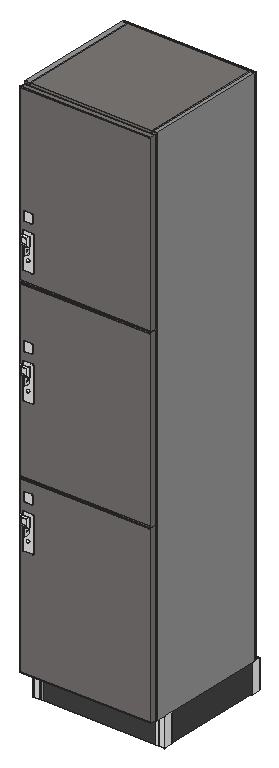
Revit family "Wood_Lockers_Hasps-Salsbury_Industries-18_43000_Series-1_Wide_Units.rfa", category Specialty Equipment, Revit 2016 (continued)
Definition of nested family "Wood Locker Flat Corner Fillers"
  Automatic sketch dimensions
    Extrusion 1 sketch curve to plane 4 "Right Side" = 0.000"
    plane 6 "Front Side" to Extrusion 1 sketch curve = 0.000"
    Extrusion 1 sketch curve to plane 11 = 0.000"
Definition of nested family "Wood Locker Side Panels-No Slope"
  Parameters (values of type "44237 - 6' H for 24"D Lockers")
    Width = 23.625"
    Visible = yes
    Version = "1.0 (12/15/23)"
    Type Comments = "Side Panel for Premier Wood Lockers without Sloping Hood"
    Model = "44237"
    Manufacturer = "Salsbury Industries"
    Laminate Surface = none
    Height = 72.000"
    Door Trim = none
    Description = "6' H for 21\" D Lockers"
    Depth = 0.750"
  Types (6): name | Width | Visible | Version | Type Comments | Model | Manufacturer | Description
    (no name) | 23.625" | yes | "1.0 (12/15/23)" | "Side Panel for Premier Wood Lockers without Sloping Hood" | "44237" | "Salsbury Industries" | "6' H for 21\" D Lockers"
    44330 - 6' H for 15"D Lockers | 14.625" | yes | "1.0 (12/15/23)" | "Side Panel for Premier Wood Lockers without Sloping Hood" | "44330" | "Salsbury Industries" | "6' H for 15\" D Lockers"
    44333 - 6' H for 18" D Lockers | 17.625" | yes | "1.0 (12/15/23)" | "Side Panel for Premier Wood Lockers withouth Sloping Hood" | "44333" | "Salsbury Industries" | "6' H for 18\" D Lockers"
    44335 - 6' H for 21" D Lockers | 20.625" | yes | "1.0 (12/15/23)" | "Side Panel for Premier Wood Lockers without Sloping Hood" | "44335" | "Salsbury Industries" | "6' H for 21\" D Lockers"
    None | 14.000" | no | "" | "" | "" | "" | ""
    44237 - 6' H for 24"D Lockers | 23.625" | yes | "1.0 (12/15/23)" | "Side Panel for Premier Wood Lockers without Sloping Hood" | "44237" | "Salsbury Industries" | "6' H for 21\" D Lockers"
  Reference planes (in)
    plane 1 "Center (Front/Back)": y = 0
    plane 2: z = 0
    plane 3 "Center (Left/Right)": x = 0
    plane 4 "Back": y = 0.375
    plane 5 "Front": y = -0.375
    plane 6 "Left Side": x = -11.8125
    plane 7 "Right Side": x = 11.8125
    plane 8 "Bottom": z = 0
    plane 9 "Top": z = 72
    plane 10 "Center Elevation": z = 36
    plane 11 "Wood - Laminate Edge": y = -0.344
    plane 12 "Right Side of Wood": x = 11.7815
    plane 13 "Left Side of Wood": x = -11.7815
    plane 14 "Top of Wood": z = 71.969
    plane 15 "Bottom of Wood": z = 0.031
  Forms (in)
    Extrusion 1, solid, visible <- "Visible"
      sketch origin (0, 0.375, 0) x (1, 0, 0) y (0, 0, 1)
        loop
          line (11.7815, 71.969) -> (-11.7815, 71.969) -> (-11.7815, 0.031) -> (11.7815, 0.031) -> (11.7815, 71.969)
      from 0 to 0.719
    Extrusion 2, solid, material <- "Laminate Surface", visible <- "Visible"
      sketch origin (0, -0.375, 0) x (1, 0, 0) y (0, 0, 1)
        loop
          line (-11.8125, 72) -> (-11.8125, 0) -> (11.8125, 0) -> (11.8125, 72) -> (-11.8125, 72)
      from -0.031 to 0
    Extrusion 3, solid, material <- "Laminate Surface", visible <- "Visible"
      sketch origin (0, 0, 0) x (1, 0, 0) y (0, 0, 1)
        loop
          line (-11.8125, 0) -> (11.8125, 0) -> (11.8125, 72) -> (-11.8125, 72) -> (-11.8125, 0)
        loop
          line (-11.7815, 0.031) -> (11.7815, 0.031) -> (11.7815, 71.969) -> (-11.7815, 71.969) -> (-11.7815, 0.031)
      from -0.375 to 0.344
  Dimensions and locks (in)
    equal spacing: plane 6 "Left Side", plane 3 "Center (Left/Right)", plane 7 "Right Side"
    plane 5 "Front" to plane 1 "Center (Front/Back)" to plane 4 "Back" = 0.375", 0.375"
    "Width": plane 6 "Left Side" to plane 7 "Right Side"
    "Depth": plane 5 "Front" to plane 4 "Back"
    equal spacing: plane 9 "Top", plane 10 "Center Elevation", plane 8 "Bottom"
    "Height": plane 9 "Top" to plane 8 "Bottom"
    locked: plane 5 "Front" to plane 11 "Wood - Laminate Edge" at 0.031
    locked: plane 15 "Bottom of Wood" to plane 8 "Bottom" at 0.031
    locked: plane 12 "Right Side of Wood" to plane 7 "Right Side" at 0.031
    locked: plane 6 "Left Side" to plane 13 "Left Side of Wood" at 0.031
    locked: plane 9 "Top" to plane 14 "Top of Wood" at 0.031
    aligned and locked: level to plane 2
    aligned and locked: Extrusion 2 sketch curve to plane 7 "Right Side"
    aligned and locked: plane 8 "Bottom" to Extrusion 2 sketch curve
    aligned and locked: plane 6 "Left Side" to Extrusion 2 sketch curve
    aligned and locked: plane 9 "Top" to Extrusion 2 sketch curve
    aligned and locked: Extrusion 3 to plane 4 "Back"
    aligned and locked: plane 11 "Wood - Laminate Edge" to Extrusion 3
  Automatic sketch dimensions
    plane 13 "Left Side of Wood" to Extrusion 1 sketch curve = 0.000"
    plane 12 "Right Side of Wood" to Extrusion 1 sketch curve = 0.000"
    Extrusion 1 sketch curve to plane 15 "Bottom of Wood" = 0.000"
    Extrusion 1 sketch curve to plane 14 "Top of Wood" = 0.000"
    plane 13 "Left Side of Wood" to Extrusion 3 sketch curve = 0.000"
    Extrusion 3 sketch curve to level = 0.000"
    plane 13 "Left Side of Wood" to Extrusion 3 sketch curve = 0.031"
    plane 12 "Right Side of Wood" to Extrusion 3 sketch curve = 0.000"
    plane 7 "Right Side" to Extrusion 3 sketch curve = 0.000"
    Extrusion 3 sketch curve to plane 15 "Bottom of Wood" = 0.000"
    Extrusion 3 sketch curve to plane 14 "Top of Wood" = 0.000"
    Extrusion 3 sketch curve to plane 9 "Top" = 0.000"
Definition of nested family "Wood Locker Side Panels-With Slope"
  Parameters (values of type "44238 - 6' H for 24" D Lockers")
    Width = 23.625"
    Visible = yes
    Version = "1.0 (12/15/23)"
    Type Comments = "Side Panel for Premier Wood Lockers with Sloping Hood"
    Slope Height = 8.608"
    Model = "44238"
    Manufacturer = "Salsbury Industries"
    Laminate Surface = none
    Height = 72.153"
    Door Trim = none
    Description = "6' H for 24\" D Lockers"
    Depth = 0.750"
  Types (6): name | Width | Visible | Version | Type Comments | Slope Height | Model | Manufacturer | Height | Description
    (no name) | 23.625" | yes | "1.0 (12/15/23)" | "Side Panel for Premier Wood Lockers with Sloping Hood" | 8.608" | "44238" | "Salsbury Industries" | 72.153" | "6' H for 24\" D Lockers"
    44334 - 6' H  for 18" D Lockers | 17.625" | yes | "1.0 (12/15/23)" | "Side Panel for Premier Wood Lockers with Sloping Hood" | 6.806" | "44334" | "Salsbury Industries" | 72.062" | "6' H for 18\" D Lockers"
    44336 - 6' H for 21" D Lockers | 20.625" | yes | "1.0 (12/15/23)" | "Side Panel for Premier Wood Lockers with Sloping Hood" | 7.931" | "44336" | "Salsbury Industries" | 72.062" | "6' H for 21\" D Lockers"
    None | 14.625" | no | "" | "" | 5.681" | "" | "" | 72.062" | ""
    44339 - 6' H for 15" D Lockers | 14.625" | yes | "1.0 (12/15/23)" | "Side Panel for Premier Wood Lockers with Sloping Hood" | 5.681" | "44339" | "Salsbury Industries" | 72.062" | "6' H for 15\" D Lockers"
    44238 - 6' H for 24" D Lockers | 23.625" | yes | "1.0 (12/15/23)" | "Side Panel for Premier Wood Lockers with Sloping Hood" | 8.608" | "44238" | "Salsbury Industries" | 72.153" | "6' H for 24\" D Lockers"
  Reference planes (in)
    plane 1 "Center (Front/Back)": y = 0
    plane 2: z = 0
    plane 3 "Center (Left/Right)": x = 0
    plane 4 "Back": y = 0.375
    plane 5 "Front": y = -0.375
    plane 6 "Left Side": x = -11.8125
    plane 7 "Right Side": x = 11.8125
    plane 8 "Bottom": z = 0
    plane 9 "Top": z = 72.153
    plane 10 "Center Elevation": z = 36.0765
    plane 11 "Wood - Laminate Edge": y = -0.344
    plane 12 "Right Side of Wood": x = 11.7815
    plane 13 "Left Side of Wood": x = -11.7815
    plane 14 "Top of Wood": z = 72.028
    plane 15 "Bottom of Wood": z = 0.031
    plane 16: z = 80.761
    plane 17: z = 80.636
  Forms (in)
    Extrusion 1, solid, visible <- "Visible"
      sketch origin (0, 0.375, 0) x (1, 0, 0) y (0, 0, 1)
        loop
          line (-11.8125, 80.73) -> (-11.8125, 0) -> (11.7815, 0) -> (11.7815, 72.13387) -> (-11.8125, 80.73)
      from 0 to 0.719
    Extrusion 2, solid, material <- "Laminate Surface", visible <- "Visible"
      sketch origin (0, -0.375, 0) x (1, 0, 0) y (0, 0, 1)
        loop
          line (-11.8125, 0) -> (11.8125, 0) -> (11.8125, 72.153) -> (-11.8125, 80.761) -> (-11.8125, 0)
      from -0.031 to 0
    Extrusion 3, solid, material <- "Laminate Surface", visible <- "Visible"
      sketch origin (0, -0.375, 0) x (1, 0, 0) y (0, 0, 1)
        loop
          line (11.8125, 0) -> (11.8125, 72.153) -> (-11.8125, 80.761) -> (-11.8125, 80.73) -> (11.7815, 72.13387) -> (11.7815, 0) -> (11.8125, 0)
      from -0.031 to -0.75
  Dimensions and locks (in)
    equal spacing: plane 6 "Left Side", plane 3 "Center (Left/Right)", plane 7 "Right Side"
    plane 5 "Front" to plane 1 "Center (Front/Back)" to plane 4 "Back" = 0.375", 0.375"
    "Width": plane 6 "Left Side" to plane 7 "Right Side"
    "Depth": plane 5 "Front" to plane 4 "Back"
    equal spacing: plane 9 "Top", plane 10 "Center Elevation", plane 8 "Bottom"
    "Height": plane 9 "Top" to plane 8 "Bottom"
    locked: plane 5 "Front" to plane 11 "Wood - Laminate Edge" at 0.031
    locked: plane 15 "Bottom of Wood" to plane 8 "Bottom" at 0.031
    locked: plane 12 "Right Side of Wood" to plane 7 "Right Side" at 0.031
    locked: plane 6 "Left Side" to plane 13 "Left Side of Wood" at 0.031
    locked: plane 9 "Top" to plane 14 "Top of Wood" at 0.125
    "Slope Height": plane 16 to plane 9 "Top"
    locked: plane 16 to plane 17 at 0.125
    aligned and locked: level to plane 2
    aligned and locked: Extrusion 3 to plane 4 "Back"
    aligned and locked: plane 11 "Wood - Laminate Edge" to Extrusion 3
  Automatic sketch dimensions
    plane 6 "Left Side" to Extrusion 2 sketch curve = 0.000"
    plane 7 "Right Side" to Extrusion 2 sketch curve = 0.000"
    Extrusion 2 sketch curve to level = 0.000"
    Extrusion 2 sketch curve to plane 9 "Top" = 0.000"
    Extrusion 2 sketch curve to plane 16 = 0.000"
    Extrusion 1 sketch curve to level = 0.000"
    plane 6 "Left Side" to Extrusion 1 sketch curve = 0.000"
    plane 12 "Right Side of Wood" to Extrusion 1 sketch curve = 0.000"
    plane 9 "Top" to Extrusion 1 sketch curve = 0.01913"
    plane 6 "Left Side" to Extrusion 3 sketch curve = 0.000"
    plane 12 "Right Side of Wood" to Extrusion 3 sketch curve = 0.000"
    plane 7 "Right Side" to Extrusion 3 sketch curve = 0.000"
    Extrusion 3 sketch curve to level = 0.000"
    Extrusion 3 sketch curve to plane 9 "Top" = 0.000"
    Extrusion 3 sketch curve to plane 16 = 0.000"
    plane 9 "Top" to Extrusion 3 sketch curve = 0.01913"
    plane 16 to Extrusion 3 sketch curve = 0.031"
    plane 16 to Extrusion 1 sketch curve = 0.031"
Definition of nested family "Wood Locker Double Side Panels-No Slope"
  Parameters (values of type "44237DE - 6' H for 24"D Lockers")
    Width = 47.250"
    Visible = yes
    Version = "1.0 (12/15/23)"
    Type Comments = "Double End Panel for Premier Wood Lockers"
    Model = "44237DE"
    Manufacturer = "Salsbury Industries"
    Laminate Surface = none
    Height = 72.000"
    Door Trim = none
    Description = "For 6' H x 21\" D without Sloping Hood"
    Depth = 0.750"
  Types (6): name | Width | Visible | Version | Type Comments | Model | Manufacturer | Description
    (no name) | 47.250" | yes | "1.0 (12/15/23)" | "Double End Panel for Premier Wood Lockers" | "44237DE" | "Salsbury Industries" | "For 6' H x 21\" D without Sloping Hood"
    44330DE - 6' H for 15"D Lockers | 29.250" | yes | "1.0 (12/15/23)" | "Double End Panel for Premier Wood Lockers" | "44330DE" | "Salsbury Industries" | "For 6' H x 15\" D without Sloping Hood"
    44333DE - 6' H for 18" D Lockers | 35.250" | yes | "1.0 (12/15/23)" | "Double End Panel for Premier Wood Lockers" | "44333DE" | "Salsbury Industries" | "For 6' H x 18\" D without Sloping Hood"
    44335DE - 6' H for 21" D Lockers | 41.250" | yes | "1.0 (12/15/23)" | "Double End Panel for Premier Wood Lockers" | "44335DE" | "Salsbury Industries" | "For 6' H x 21\" D without Sloping Hood"
    None | 14.000" | no | "" | "" | "" | "" | ""
    44237DE - 6' H for 24"D Lockers | 47.250" | yes | "1.0 (12/15/23)" | "Double End Panel for Premier Wood Lockers" | "44237DE" | "Salsbury Industries" | "For 6' H x 21\" D without Sloping Hood"
  Reference planes (in)
    plane 1 "Center (Front/Back)": y = 0
    plane 2: z = 0
    plane 3 "Center (Left/Right)": x = 0
    plane 4 "Back": y = 0.375
    plane 5 "Front": y = -0.375
    plane 6 "Left Side": x = -23.625
    plane 7 "Right Side": x = 23.625
    plane 8 "Bottom": z = 0
    plane 9 "Top": z = 72
    plane 10 "Center Elevation": z = 36
    plane 11 "Wood - Laminate Edge": y = -0.344
    plane 12 "Right Side of Wood": x = 23.594
    plane 13 "Left Side of Wood": x = -23.594
    plane 14 "Top of Wood": z = 71.969
    plane 15 "Bottom of Wood": z = 0.031
  Forms (in)
    Extrusion 1, solid, visible <- "Visible"
      sketch origin (0, 0.375, 0) x (1, 0, 0) y (0, 0, 1)
        loop
          line (23.594, 71.969) -> (-23.594, 71.969) -> (-23.594, 0.031) -> (23.594, 0.031) -> (23.594, 71.969)
      from 0 to 0.719
    Extrusion 2, solid, material <- "Laminate Surface", visible <- "Visible"
      sketch origin (0, -0.375, 0) x (1, 0, 0) y (0, 0, 1)
        loop
          line (-23.625, 72) -> (-23.625, 0) -> (23.625, 0) -> (23.625, 72) -> (-23.625, 72)
      from -0.031 to 0
    Extrusion 3, solid, material <- "Laminate Surface", visible <- "Visible"
      sketch origin (0, 0, 0) x (1, 0, 0) y (0, 0, 1)
        loop
          line (-23.625, 0) -> (23.625, 0) -> (23.625, 72) -> (-23.625, 72) -> (-23.625, 0)
        loop
          line (23.594, 71.969) -> (-23.594, 71.969) -> (-23.594, 0.031) -> (23.594, 0.031) -> (23.594, 71.969)
      from -0.375 to 0.344
  Dimensions and locks (in)
    equal spacing: plane 6 "Left Side", plane 3 "Center (Left/Right)", plane 7 "Right Side"
    plane 5 "Front" to plane 1 "Center (Front/Back)" to plane 4 "Back" = 0.375", 0.375"
    "Width": plane 6 "Left Side" to plane 7 "Right Side"
    "Depth": plane 5 "Front" to plane 4 "Back"
    equal spacing: plane 9 "Top", plane 10 "Center Elevation", plane 8 "Bottom"
    "Height": plane 9 "Top" to plane 8 "Bottom"
    locked: plane 5 "Front" to plane 11 "Wood - Laminate Edge" at 0.031
    locked: plane 15 "Bottom of Wood" to plane 8 "Bottom" at 0.031
    plane 12 "Right Side of Wood" to plane 7 "Right Side" = 0.031"
    locked: plane 6 "Left Side" to plane 13 "Left Side of Wood" at 0.031
    locked: plane 9 "Top" to plane 14 "Top of Wood" at 0.031
    aligned and locked: level to plane 2
    aligned and locked: Extrusion 2 sketch curve to plane 8 "Bottom"
    aligned and locked: plane 6 "Left Side" to Extrusion 2 sketch curve
    aligned and locked: Extrusion 2 sketch curve to plane 7 "Right Side"
    aligned and locked: Extrusion 2 sketch curve to plane 9 "Top"
    aligned and locked: Extrusion 3 to plane 4 "Back"
    aligned and locked: plane 11 "Wood - Laminate Edge" to Extrusion 3
  Automatic sketch dimensions
    plane 13 "Left Side of Wood" to Extrusion 1 sketch curve = 0.000"
    plane 12 "Right Side of Wood" to Extrusion 1 sketch curve = 0.000"
    Extrusion 1 sketch curve to plane 15 "Bottom of Wood" = 0.000"
    Extrusion 1 sketch curve to plane 14 "Top of Wood" = 0.000"
    Extrusion 3 sketch curve to level = 0.000"
    plane 6 "Left Side" to Extrusion 3 sketch curve = 0.000"
    plane 7 "Right Side" to Extrusion 3 sketch curve = 0.000"
    Extrusion 3 sketch curve to plane 9 "Top" = 0.000"
    plane 13 "Left Side of Wood" to Extrusion 3 sketch curve = 0.000"
    Extrusion 3 sketch curve to plane 15 "Bottom of Wood" = 0.000"
    Extrusion 3 sketch curve to plane 14 "Top of Wood" = 0.000"
    plane 12 "Right Side of Wood" to Extrusion 3 sketch curve = 0.000"
Definition of nested family "Wood Locker Double Side Panels-With Slope"
  Parameters (values of type "44238DE - 6' H for 24"D Lockers")
    Width = 47.250"
    Visible = yes
    Version = "1.0 (12/15/23)"
    Type Comments = "Double End Panel for Premier Wood Lockers"
    Slope Height = 8.895"
    Model = "442386DE"
    Manufacturer = "Salsbury Industries"
    Laminate Surface = none
    Height = 72.153"
    Door Trim = none
    Description = "For 6' H x 21\" D Lockers with Sloping Hood"
    Depth = 0.750"
  Types (6): name | Width | Visible | Version | Type Comments | Slope Height | Model | Manufacturer | Height | Description
    (no name) | 47.250" | yes | "1.0 (12/15/23)" | "Double End Panel for Premier Wood Lockers" | 8.895" | "442386DE" | "Salsbury Industries" | 72.153" | "For 6' H x 21\" D Lockers with Sloping Hood"
    44339DE - 6' H for 15"D Lockers | 29.250" | yes | "1.0 (12/15/23)" | "Double End Panel for Premier Wood Lockers" | 5.681" | "44339DE" | "Salsbury Industries" | 72.062" | "For 6' H x 15\" D Lockers with Sloping Hood"
    44334DE - 6' H  for 18" D Lockers | 35.250" | yes | "1.0 (12/15/23)" | "Double End Panel for Premier Wood Lockers" | 6.806" | "44334DE" | "Salsbury Industries" | 72.062" | "For 6' H x 18\" D Lockers with Sloping Hood"
    44336DE - 6' H for 21" D Lockers | 41.250" | yes | "1.0 (12/15/23)" | "Double End Panel for Premier Wood Lockers" | 7.931" | "44336DE" | "Salsbury Industries" | 72.062" | "For 6' H x 21\" D Lockers with Sloping Hood"
    None | 14.000" | no | "" | "" | 5.500" | "" | "" | 72.000" | ""
    44238DE - 6' H for 24"D Lockers | 47.250" | yes | "1.0 (12/15/23)" | "Double End Panel for Premier Wood Lockers" | 8.895" | "442386DE" | "Salsbury Industries" | 72.153" | "For 6' H x 21\" D Lockers with Sloping Hood"
  Reference planes (in)
    plane 1 "Center (Front/Back)": y = 0
    plane 2: z = 0
    plane 3 "Center (Left/Right)": x = 0
    plane 4 "Back": y = 0.375
    plane 5 "Front": y = -0.375
    plane 6 "Left Side": x = -23.625
    plane 7 "Right Side": x = 23.625
    plane 8 "Bottom": z = 0
    plane 9 "Top": z = 72.153
    plane 10 "Center Elevation": z = 36.0765
    plane 11 "Wood - Laminate Edge": y = -0.344
    plane 12 "Right Side of Wood": x = 23.594
    plane 13 "Left Side of Wood": x = -23.594
    plane 14 "Top of Wood": z = 72.028
    plane 15 "Bottom of Wood": z = 0.125
    plane 16: z = 81.048
    plane 17: z = 81.017
  Forms (in)
    Extrusion 1, solid, visible <- "Visible"
      sketch origin (0, 0.375, 0) x (1, 0, 0) y (0, 0, 1)
        loop
          line (23.594, 72.122) -> (0, 81.017) -> (-23.594, 72.122) -> (-23.594, 0) -> (23.594, 0) -> (23.594, 72.122)
      from 0 to 0.719
    Extrusion 2, solid, material <- "Laminate Surface", visible <- "Visible"
      sketch origin (0, -0.375, 0) x (1, 0, 0) y (0, 0, 1)
        loop
          line (23.625, 0) -> (23.625, 72.153) -> (0, 81.048) -> (-23.625, 72.153) -> (-23.625, 0) -> (23.625, 0)
      from -0.031 to 0
    Extrusion 3, solid, material <- "Laminate Surface", visible <- "Visible"
      sketch origin (0, 0.375, 0) x (1, 0, 0) y (0, 0, 1)
        loop
          line (23.625, 0) -> (23.625, 72.153) -> (0, 81.048) -> (-23.625, 72.153) -> (-23.625, 0) -> (-23.594, 0) -> (-23.594, 72.122) -> (0, 81.017) -> (23.594, 72.122) -> (23.594, 0) -> (23.625, 0)
      from 0 to 0.719
  Dimensions and locks (in)
    equal spacing: plane 6 "Left Side", plane 3 "Center (Left/Right)", plane 7 "Right Side"
    plane 5 "Front" to plane 1 "Center (Front/Back)" to plane 4 "Back" = 0.375", 0.375"
    "Width": plane 6 "Left Side" to plane 7 "Right Side"
    "Depth": plane 5 "Front" to plane 4 "Back"
    equal spacing: plane 9 "Top", plane 10 "Center Elevation", plane 8 "Bottom"
    "Height": plane 9 "Top" to plane 8 "Bottom"
    locked: plane 5 "Front" to plane 11 "Wood - Laminate Edge" at 0.031
    locked: plane 15 "Bottom of Wood" to plane 8 "Bottom" at 0.125
    locked: plane 12 "Right Side of Wood" to plane 7 "Right Side" at 0.031
    locked: plane 6 "Left Side" to plane 13 "Left Side of Wood" at 0.031
    locked: plane 9 "Top" to plane 14 "Top of Wood" at 0.125
    "Slope Height": plane 16 to plane 9 "Top"
    locked: plane 16 to plane 17 at 0.031
    aligned and locked: level to plane 2
    aligned and locked: Extrusion 3 to plane 4 "Back"
    aligned and locked: plane 11 "Wood - Laminate Edge" to Extrusion 3
  Automatic sketch dimensions
    plane 6 "Left Side" to Extrusion 2 sketch curve = 0.000"
    Extrusion 2 sketch curve to plane 3 "Center (Left/Right)" = 0.000"
    plane 7 "Right Side" to Extrusion 2 sketch curve = 0.000"
    Extrusion 2 sketch curve to level = 0.000"
    Extrusion 2 sketch curve to plane 9 "Top" = 0.000"  (x2)
    Extrusion 2 sketch curve to plane 16 = 0.000"
    Extrusion 1 sketch curve to level = 0.000"
    plane 13 "Left Side of Wood" to Extrusion 1 sketch curve = 0.000"
    Extrusion 1 sketch curve to plane 3 "Center (Left/Right)" = 0.000"
    plane 12 "Right Side of Wood" to Extrusion 1 sketch curve = 0.000"
    Extrusion 1 sketch curve to plane 17 = 0.000"
    plane 9 "Top" to Extrusion 1 sketch curve = 0.031"  (x2)
    Extrusion 3 sketch curve to level = 0.000"  (x2)
    plane 6 "Left Side" to Extrusion 3 sketch curve = 0.000"
    plane 13 "Left Side of Wood" to Extrusion 3 sketch curve = 0.000"
    Extrusion 3 sketch curve to plane 3 "Center (Left/Right)" = 0.000"  (x2)
    plane 12 "Right Side of Wood" to Extrusion 3 sketch curve = 0.000"
    plane 7 "Right Side" to Extrusion 3 sketch curve = 0.000"
    Extrusion 3 sketch curve to plane 9 "Top" = 0.000"  (x2)
    plane 9 "Top" to Extrusion 3 sketch curve = 0.031"  (x2)
    Extrusion 3 sketch curve to plane 17 = 0.000"
    Extrusion 3 sketch curve to plane 16 = 0.000"
Definition of nested family "Wood Locker Front Fillers"
  Parameters (values of type "44469 - 9" W for 6' H Lockers without Base")
    Width = 9.000"
    Visible Base = no
    Visible = yes
    Version = "1.0 (1/31/24)"
    Type Comments = "Front Vertical Filler for Premier Wood Lockers"
    Model = "44469"
    Manufacturer = "Salsbury Industries"
    Laminate Surface = none
    Height = 72.000"
    Description = "For 6' H Lockers"
    Depth = 0.750"
    Base Height = 0.000"
  Types (6): name | Width | Visible Base | Visible | Version | Type Comments | Model | Manufacturer | Description | Base Height
    (no name) | 9.000" | no | yes | "1.0 (1/31/24)" | "Front Vertical Filler for Premier Wood Lockers" | "44469" | "Salsbury Industries" | "For 6' H Lockers" | 0.000"
    44467 - 15"W for 6' H Lockers with Base | 15.000" | yes | yes | "1.0 (01/31/24)" | "Front Vertical Filler for Premier Wood Lockers" | "444367" | "Salsbury Industries" | "For 6' H Lockers" | 4.000"
    None | 15.000" | no | no | "" | "" | "" | "" | "" | 4.000"
    44469 - 9" W for 6' H Lockers with Base | 9.000" | yes | yes | "1.0 (01/31/24)" | "Front Vertical Filler for Premier Wood Lockers" | "44469" | "Salsbury Industries" | "For 6' H Lockers" | 4.000"
    44467 - 15" W for 6'H Lockers without Base | 15.000" | no | yes | "1.0 (01/31/24)" | "Front Vertical Filler for Premier Wood Lockers" | "44467" | "Salsbury Industries" | "For 6' H Lockers" | 0.000"
    44469 - 9" W for 6' H Lockers without Base | 9.000" | no | yes | "1.0 (1/31/24)" | "Front Vertical Filler for Premier Wood Lockers" | "44469" | "Salsbury Industries" | "For 6' H Lockers" | 0.000"
  Reference planes (in)
    plane 1 "Center (Front/Back)": y = 0
    plane 2: z = 0
    plane 3 "Center (Left/Right)": x = 0
    plane 4 "Back": y = 0.375
    plane 5 "Front": y = -0.375
    plane 6 "Left Side": x = -4.5
    plane 7 "Right Side": x = 4.5
    plane 8 "Bottom": z = 0
    plane 9 "Top": z = 72
    plane 10 "Center Elevation": z = 36
    plane 11 "Wood - Laminate Edge": y = -0.344
    plane 12 "Right Side of Wood": x = 4.375
    plane 13 "Left Side of Wood": x = -4.375
    plane 14 "Top of Wood": z = 71.875
    plane 15 "Bottom of Wood": z = 0.125
    plane 16 "Front of Base Filler": y = 1
  Forms (in)
    Extrusion 1, solid, visible <- "Visible"
      sketch origin (0, 0.375, 0) x (1, 0, 0) y (0, 0, 1)
        loop
          line (4.5, 72) -> (-4.5, 72) -> (-4.5, 0) -> (4.5, 0) -> (4.5, 72)
      from 0 to 0.719
    Extrusion 2, solid, material <- "Laminate Surface", visible <- "Visible"
      sketch origin (0, -0.375, 0) x (1, 0, 0) y (0, 0, 1)
        loop
          line (-4.5, 72) -> (-4.5, 0) -> (4.5, 0) -> (4.5, 72) -> (-4.5, 72)
      from -0.031 to 0
    Extrusion 3, solid, visible <- "Visible Base"
      sketch origin (0, 0, 0) x (1, 0, 0) y (0, 1, 0)
        loop
          line (-4.5, 1.75) -> (-4.5, 0.375) -> (4.5, 0.375) -> (4.5, 1.75) -> (-4.5, 1.75)
      from 0 to 0.75
    Extrusion 4, solid, visible <- "Visible Base"
      sketch origin (0, 0, 0) x (1, 0, 0) y (0, 1, 0)
        loop
          line (-4.5, 1.75) -> (-4.5, 1) -> (4.5, 1) -> (4.5, 1.75) -> (-4.5, 1.75)
      from 0 to -4
  Dimensions and locks (in)
    equal spacing: plane 6 "Left Side", plane 3 "Center (Left/Right)", plane 7 "Right Side"
    plane 5 "Front" to plane 1 "Center (Front/Back)" to plane 4 "Back" = 0.375", 0.375"
    "Width": plane 6 "Left Side" to plane 7 "Right Side"
    "Depth": plane 5 "Front" to plane 4 "Back"
    equal spacing: plane 9 "Top", plane 10 "Center Elevation", plane 8 "Bottom"
    locked: plane 5 "Front" to plane 11 "Wood - Laminate Edge" at 0.031
    locked: plane 15 "Bottom of Wood" to plane 8 "Bottom" at 0.125
    locked: plane 12 "Right Side of Wood" to plane 7 "Right Side" at 0.125
    locked: plane 6 "Left Side" to plane 13 "Left Side of Wood" at 0.125
    locked: plane 9 "Top" to plane 14 "Top of Wood" at 0.125
    locked: plane 5 "Front" to plane 16 "Front of Base Filler" at 1.375
    "Base Height": plane 8 "Bottom" to plane 2
    "Height": plane 9 "Top" to plane 8 "Bottom"
    aligned and locked: level to plane 2
    aligned and locked: plane 8 "Bottom" to Extrusion 1
  Automatic sketch dimensions
    plane 6 "Left Side" to Extrusion 1 sketch curve = 0.000"
    plane 7 "Right Side" to Extrusion 1 sketch curve = 0.000"
    level to Extrusion 1 sketch curve = 0.000"
    Extrusion 1 sketch curve to plane 9 "Top" = 0.000"
    plane 6 "Left Side" to Extrusion 2 sketch curve = 0.000"
    plane 7 "Right Side" to Extrusion 2 sketch curve = 0.000"
    plane 15 "Bottom of Wood" to Extrusion 2 sketch curve = 0.125"
    Extrusion 2 sketch curve to plane 9 "Top" = 0.000"
    plane 4 "Back" to Extrusion 3 sketch curve = 0.000"
    Extrusion 3 sketch curve to plane 6 "Left Side" = 0.000"
    Extrusion 3 sketch curve to plane 7 "Right Side" = 0.000"
    Extrusion 3 sketch curve to plane 16 "Front of Base Filler" = 0.750"
    Extrusion 4 sketch curve to plane 6 "Left Side" = 0.000"
    Extrusion 4 sketch curve to plane 7 "Right Side" = 0.000"
    plane 16 "Front of Base Filler" to Extrusion 4 sketch curve = 0.000"
    Extrusion 4 sketch curve to plane 16 "Front of Base Filler" = 0.750"
Definition of nested family "Wood Locker Front Corner Filler"
  Parameters (values of type "44464 - for 6' H Lockers with Base")
    Width = 2.250"
    Visible Base = yes
    Visible = yes
    Version = "1.0 (12/15/23)"
    Type Comments = "Front Vertical Corner Filler for Designer Wood Lockers"
    Primary Structure Materials = none
    Model = "44464"
    Manufacturer = "Salsbury Industries"
    Laminate Surface = none
    Height = 72.000"
    Description = "For 6' H Lockers"
    Depth = 0.750"
    Base Primary Materials = none
    Base Height = 4.000"
  Types (3): name | Visible Base | Visible | Version | Type Comments | Model | Manufacturer | Description | Base Height
    None | no | no | "" | "" | "" | "" | "" | 4.000"
    44464 - for 6'H Lockers without Base | no | yes | "1.0 (12/15/23)" | "Front Vertical Corner Filler for Designer Wood Lockers" | "44464" | "Salsbury Industries" | "For 6' H Lockers" | 0.000"
    44464 - for 6' H Lockers with Base | yes | yes | "1.0 (12/15/23)" | "Front Vertical Corner Filler for Designer Wood Lockers" | "44464" | "Salsbury Industries" | "For 6' H Lockers" | 4.000"
  Reference planes (in)
    plane 1 "Center (Front/Back)": y = 0
    plane 2 "Bottom of Base": z = 0
    plane 3 "Center (Left/Right)": x = 0
    plane 4 "Back": y = 0.375
    plane 5 "Front": y = -0.375
    plane 6 "Left Side": x = -1.125
    plane 7 "Right Side": x = 1.125
    plane 8 "Bottom": z = 4
    plane 9 "Top": z = 76
    plane 10 "Center Elevation": z = 40
    plane 11 "Wood - Laminate Edge": y = -0.344
    plane 12 "Right Side of Wood": x = 1
    plane 13 "Left Side of Wood": x = -1
    plane 14 "Top of Wood": z = 75.875
    plane 15 "Bottom of Wood": z = 4.125
    plane 16 "Front of Base Filler": y = 1
  Forms (in)
    Extrusion 1, solid, material <- "Primary Structure Materials", visible <- "Visible"
      sketch origin (0, 0.375, 0) x (1, 0, 0) y (0, 0, 1)
        loop
          line (1.125, 76) -> (-1.156, 76) -> (-1.156, 4) -> (1.125, 4) -> (1.125, 76)
      from 0 to 0.719
    Extrusion 2, solid, material <- "Laminate Surface", visible <- "Visible"
      sketch origin (0, -0.375, 0) x (1, 0, 0) y (0, 0, 1)
        loop
          line (-1.125, 76) -> (-1.125, 4) -> (1.125, 4) -> (1.125, 76) -> (-1.125, 76)
      from -0.031 to 0
    Extrusion 3, solid, material <- "Primary Structure Materials", visible <- "Visible"
      sketch origin (-1.875, -1.5, 0) x (0, 1, 0) y (0, 0, 1)
        loop
          line (1.875, 76) -> (-1.125, 76) -> (-1.125, 4) -> (1.875, 4) -> (1.875, 76)
      from 0 to 0.719
    Extrusion 4, solid, material <- "Laminate Surface", visible <- "Visible"
      sketch origin (-1.125, -1.5, 0) x (0, 1, 0) y (0, 0, 1)
        loop
          line (-1.125, 76) -> (-1.125, 4) -> (1.156, 4) -> (1.156, 76) -> (-1.125, 76)
      from -0.031 to 0
    Extrusion 5, solid, material <- "Base Primary Materials", visible <- "Visible Base"
      sketch origin (0, 0, 0) x (1, 0, 0) y (0, 1, 0)
        loop
          line (-3.25, 1.75) -> (-3.25, -2.625) -> (-1.875, -2.625) -> (-1.875, 1.75) -> (-3.25, 1.75)
      from 4 to 4.75
    Extrusion 6, solid, material <- "Base Primary Materials", visible <- "Visible Base"
      sketch origin (0, 0, 0) x (1, 0, 0) y (0, 1, 0)
        loop
          line (-1.875, 1.75) -> (-1.875, 0.375) -> (1.125, 0.375) -> (1.125, 1.75) -> (-1.875, 1.75)
      from 4 to 4.75
    Extrusion 7, solid, material <- "Base Primary Materials", visible <- "Visible Base"
      sketch origin (0, 0, 0) x (1, 0, 0) y (0, 1, 0)
        loop
          line (1.125, 1.75) -> (-2.43407, 1.75) -> (-2.43407, 1) -> (1.125, 1) -> (1.125, 1.75)
      from 0 to 4
    Extrusion 8, solid, material <- "Base Primary Materials", visible <- "Visible Base"
      sketch origin (0, 0, 0) x (1, 0, 0) y (0, 1, 0)
        loop
          line (-3.25, 1.75) -> (-3.25, -2.625) -> (-2.43407, -2.625) -> (-2.43407, 1.75) -> (-3.25, 1.75)
      from 0 to 4
  Dimensions and locks (in)
    equal spacing: plane 6 "Left Side", plane 3 "Center (Left/Right)", plane 7 "Right Side"
    plane 5 "Front" to plane 1 "Center (Front/Back)" to plane 4 "Back" = 0.375", 0.375"
    "Width": plane 6 "Left Side" to plane 7 "Right Side"
    "Depth": plane 5 "Front" to plane 4 "Back"
    equal spacing: plane 9 "Top", plane 10 "Center Elevation", plane 8 "Bottom"
    "Height": plane 9 "Top" to plane 8 "Bottom"
    locked: plane 5 "Front" to plane 11 "Wood - Laminate Edge" at 0.031
    locked: plane 15 "Bottom of Wood" to plane 8 "Bottom" at 0.125
    locked: plane 12 "Right Side of Wood" to plane 7 "Right Side" at 0.125
    locked: plane 6 "Left Side" to plane 13 "Left Side of Wood" at 0.125
    locked: plane 9 "Top" to plane 14 "Top of Wood" at 0.125
    locked: plane 5 "Front" to plane 16 "Front of Base Filler" at 1.375
    "Base Height": plane 8 "Bottom" to plane 2 "Bottom of Base"
    aligned and locked: level to plane 2 "Bottom of Base"
    aligned and locked: plane 8 "Bottom" to Extrusion 1
    aligned and locked: Extrusion 7 to Extrusion 5
    aligned and locked: Extrusion 8 to Extrusion 5
    aligned and locked: Extrusion 7 to Extrusion 8
  Automatic sketch dimensions
    Extrusion 1 sketch curve to plane 9 "Top" = 0.000"
    Extrusion 1 sketch curve to plane 8 "Bottom" = 0.000"
    plane 7 "Right Side" to Extrusion 1 sketch curve = 0.000"
    plane 6 "Left Side" to Extrusion 1 sketch curve = 0.031"
    plane 6 "Left Side" to Extrusion 2 sketch curve = 0.000"
    plane 7 "Right Side" to Extrusion 2 sketch curve = 0.000"
    Extrusion 2 sketch curve to plane 8 "Bottom" = 0.000"
    Extrusion 2 sketch curve to plane 9 "Top" = 0.000"
    plane 9 "Top" to Extrusion 3 sketch curve = 0.000"
    plane 8 "Bottom" to Extrusion 3 sketch curve = 0.000"
    Extrusion 3 sketch curve to plane 4 "Back" = 0.000"
    plane 5 "Front" to Extrusion 3 sketch curve = 2.250"
    plane 8 "Bottom" to Extrusion 4 sketch curve = 0.000"
    plane 9 "Top" to Extrusion 4 sketch curve = 0.000"
    Extrusion 4 sketch curve to plane 11 "Wood - Laminate Edge" = 0.000"
    plane 5 "Front" to Extrusion 4 sketch curve = 2.250"
    plane 6 "Left Side" to Extrusion 5 sketch curve = 2.125"
    plane 6 "Left Side" to Extrusion 5 sketch curve = 0.750"
    plane 5 "Front" to Extrusion 5 sketch curve = 2.250"
    Extrusion 5 sketch curve to plane 16 "Front of Base Filler" = 0.750"
    plane 16 "Front of Base Filler" to Extrusion 7 sketch curve = 0.000"
    Extrusion 7 sketch curve to plane 7 "Right Side" = 0.000"
    plane 6 "Left Side" to Extrusion 7 sketch curve = 1.30907"
    Extrusion 7 sketch curve to plane 16 "Front of Base Filler" = 0.750"
    plane 6 "Left Side" to Extrusion 8 sketch curve = 2.125"
    Extrusion 8 sketch curve to Extrusion 8 sketch curve = 0.81593"
    plane 5 "Front" to Extrusion 8 sketch curve = 2.250"
    Extrusion 8 sketch curve to plane 16 "Front of Base Filler" = 0.750"
    plane 4 "Back" to Extrusion 6 sketch curve = 0.000"
    Extrusion 6 sketch curve to plane 7 "Right Side" = 0.000"
    plane 6 "Left Side" to Extrusion 6 sketch curve = 0.750"
    Extrusion 6 sketch curve to plane 16 "Front of Base Filler" = 0.750"
Definition of nested family "Wood Locker Sloping In-Line Fillers"
  Parameters (values of type "44489 - 15" W for 24" D Lockers")
    Width = 15.000"
    Visible = yes
    Version = "1.0 (12/15/23)"
    Type Comments = "Sloping Hood In-Line Filler for Premier Wood Lockers"
    Model = "44489"
    Manufacturer = "Salsbury Industries"
    Laminate Surface = none
    Height = 9.118"
    Description = "For 24\" D Lockers"
    Depth = 23.625"
  Types (10): name | Width | Visible | Version | Type Comments | Model | Manufacturer | Height | Description | Depth
    (no name) | 15.000" | yes | "1.0 (12/15/23)" | "Sloping Hood In-Line Filler for Premier Wood Lockers" | "44489" | "Salsbury Industries" | 9.118" | "For 24\" D Lockers" | 23.625"
    44487 - 15" W for 15" D Lockers | 15.000" | yes | "1.0 (12/15/23)" | "Sloping Hood In-Line Filler for Premier Wood Lockers" | "44487" | "Salsbury Industries" | 5.743" | "For 15\" D Lockers" | 14.625"
    44488 - 15" W for 18" D Lockers | 15.000" | yes | "1.0 (12/15/23)" | "Sloping Hood In-Line Filler for Premier Wood Lockers" | "44488" | "Salsbury Industries" | 6.868" | "For 18\" D Lockers" | 17.625"
    44481 - 15" W for 21" D Lockers | 15.000" | yes | "1.0 (12/15/23)" | "Sloping Hood In-Line Filler for Premier Wood Lockers" | "44481" | "Salsbury Industries" | 7.993" | "For 21\" D Lockers" | 20.625"
    None | 12.000" | no | "" | "" | "" | "" | 5.500" | "" | 14.000"
    44489 - 15" W for 24" D Lockers | 15.000" | yes | "1.0 (12/15/23)" | "Sloping Hood In-Line Filler for Premier Wood Lockers" | "44489" | "Salsbury Industries" | 9.118" | "For 24\" D Lockers" | 23.625"
    44488 - 9" W for 18" D Lockers | 9.000" | yes | "1.0 (12/15/23)" | "Sloping Hood In-Line Filler for Premier Wood Lockers" | "44488" | "Salsbury Industries" | 6.868" | "For 18\" D Lockers" | 17.625"
    44487 - 9" W for 15" D Lockers | 9.000" | yes | "1.0 (12/15/23)" | "Sloping Hood In-Line Filler for Premier Wood Lockers" | "44487" | "Salsbury Industries" | 5.743" | "For 15\" D Lockers" | 14.625"
    44481 - 9" W for 21" D Lockers | 9.000" | yes | "1.0 (12/15/23)" | "Sloping Hood In-Line Filler for Premier Wood Lockers" | "44481" | "Salsbury Industries" | 7.993" | "For 21\" D Lockers" | 20.625"
    44489 - 9" W for 24" D Lockers | 9.000" | yes | "1.0 (12/15/23)" | "Sloping Hood In-Line Filler for Premier Wood Lockers" | "44489" | "Salsbury Industries" | 9.118" | "For 24\" D Lockers" | 23.625"
  Reference planes (in)
    plane 1 "Center (Front/Back)": y = 0
    plane 2: z = 0
    plane 3 "Center (Left/Right)": x = 0
    plane 4 "Front of Hood": y = -11.8125
    plane 5 "Back of Hood": y = 11.8125
    plane 6 "Right Side of Hood": x = 7.5
    plane 7 "Left Side of Hood": x = -7.5
    plane 8 "Bottom of Hood": z = 0
    plane 9 "Top of Hood": z = 9.118
    plane 10: x = 6.75
    plane 11: x = -6.75
    plane 12: y = -11.7815
    plane 13: y = -11.0625
    plane 14: z = 9.087
    plane 15: z = 8.368
    plane 16: z = 0.062
    plane 17: z = 0.75
  Forms (in)
    Extrusion 1, solid, visible <- "Visible"
      sketch origin (0, 0, 0) x (0, 1, 0) y (0, 0, 1)
        loop
          line (-9.97273, 0) -> (11.8125, 8.368) -> (11.8125, 9.087) -> (-11.73269, 0.062) -> (-11.7815, 0.062) -> (-11.7815, 0) -> (-9.97273, 0)
      from -7.5 to 7.5
    Extrusion 2, solid, material <- "Laminate Surface", visible <- "Visible"
      sketch origin (0, 0, 0) x (0, 1, 0) y (0, 0, 1)
        loop
          line (-11.8125, 0.062) -> (-11.8125, 0) -> (-11.7815, 0) -> (-11.7815, 0.062) -> (-11.8125, 0.062)
      from -7.5 to 7.5
    Extrusion 3, solid, material <- "Laminate Surface", visible <- "Visible"
      sketch origin (0, 0, 0) x (0, 1, 0) y (0, 0, 1)
        loop
          line (11.8125, 9.118) -> (-11.8125, 0.062) -> (-11.73269, 0.062) -> (11.8125, 9.087) -> (11.8125, 9.118)
      from -7.5 to 7.5
  Dimensions and locks (in)
    equal spacing: plane 7 "Left Side of Hood", plane 3 "Center (Left/Right)", plane 6 "Right Side of Hood"
    "Width": plane 7 "Left Side of Hood" to plane 6 "Right Side of Hood"
    equal spacing: plane 4 "Front of Hood", plane 1 "Center (Front/Back)", plane 5 "Back of Hood"
    "Depth": plane 4 "Front of Hood" to plane 5 "Back of Hood"
    "Height": plane 9 "Top of Hood" to plane 8 "Bottom of Hood"
    plane 7 "Left Side of Hood" to plane 11 = 0.750"
    plane 10 to plane 6 "Right Side of Hood" = 0.750"
    plane 4 "Front of Hood" to plane 12 to plane 13 = 0.031" locked, 0.719" locked
    plane 15 to plane 14 to plane 9 "Top of Hood" = 0.719" locked, 0.031" locked
    locked: plane 16 to plane 8 "Bottom of Hood" at 0.062
    locked: plane 17 to plane 8 "Bottom of Hood" at 0.75
    aligned and locked: level to plane 2
    aligned and locked: Extrusion 1 to plane 6 "Right Side of Hood"
    aligned and locked: plane 7 "Left Side of Hood" to Extrusion 1
    aligned and locked: plane 7 "Left Side of Hood" to Extrusion 3
    aligned and locked: Extrusion 3 to plane 6 "Right Side of Hood"
    aligned and locked: Extrusion 2 to plane 6 "Right Side of Hood"
    aligned and locked: plane 7 "Left Side of Hood" to Extrusion 2
  Automatic sketch dimensions
    Extrusion 2 sketch curve to level = 0.000"
    Extrusion 2 sketch curve to plane 4 "Front of Hood" = 0.000"
    Extrusion 2 sketch curve to plane 12 = 0.000"
    plane 16 to Extrusion 2 sketch curve = 0.000"
    Extrusion 3 sketch curve to plane 4 "Front of Hood" = 0.000"
    plane 16 to Extrusion 3 sketch curve = 0.000"
    Extrusion 3 sketch curve to plane 5 "Back of Hood" = 0.000"
    plane 14 to Extrusion 3 sketch curve = 0.000"
    plane 9 "Top of Hood" to Extrusion 3 sketch curve = 0.000"
    Extrusion 3 sketch curve to plane 12 = 0.04881"
    Extrusion 1 sketch curve to level = 0.000"
    Extrusion 1 sketch curve to plane 12 = 0.000"
    plane 16 to Extrusion 1 sketch curve = 0.000"
    Extrusion 1 sketch curve to plane 5 "Back of Hood" = 0.000"
    plane 15 to Extrusion 1 sketch curve = 0.000"
    plane 14 to Extrusion 1 sketch curve = 0.000"
    Extrusion 1 sketch curve to plane 13 = 1.08977"
    Extrusion 1 sketch curve to plane 12 = 0.04881"
Definition of nested family "Wood Locker Flat In-Line Fillers"
  Parameters (values of type "44448 - 15" W for 18" D Lockers")
    Width = 15.000"
    Visible = yes
    Version = "1.0 (12/15/23)"
    Type Comments = "Flat Top In-Line Filler for Premier Wood Lockers"
    Model = "44448"
    Manufacturer = "Salsbury Industries"
    Laminate Surface = none
    Height = 0.750"
    Description = "For 18\" D Lockers"
    Depth = 16.875"
  Types (10): name | Width | Visible | Version | Type Comments | Model | Manufacturer | Description | Depth
    (no name) | 15.000" | yes | "1.0 (12/15/23)" | "Flat Top In-Line Filler for Premier Wood Lockers" | "44448" | "Salsbury Industries" | "For 18\" D Lockers" | 16.875"
    44447 - 15" W for 15" D Lockers | 15.000" | yes | "1.0 (12/15/23)" | "Flat Top In-Line Filler for Premier Wood Lockers" | "44447" | "Salsbury Industries" | "For 15\" D Lockers" | 13.875"
    44448 - 15" W for 18" D Lockers | 15.000" | yes | "1.0 (12/15/23)" | "Flat Top In-Line Filler for Premier Wood Lockers" | "44448" | "Salsbury Industries" | "For 18\" D Lockers" | 16.875"
    44441 - 15" W for 21" D Lockers | 15.000" | yes | "1.0 (12/15/23)" | "Flat Top In-Line Filler for Premier Wood Lockers" | "44441" | "Salsbury Industries" | "For 21\" D Lockers" | 19.875"
    None | 15.000" | no | "" | "" | "" | "" | "" | 13.250"
    44448 - 9" W for 18" D Lockers | 9.000" | yes | "1.0 (12/15/23)" | "Flat Top In-Line Filler for Premier Wood Lockers" | "44448" | "Salsbury Industries" | "For 18\" D Lockers" | 16.875"
    44447 - 9" W for 15" D Lockers | 9.000" | yes | "1.0 (12/15/23)" | "Flat Top In-Line Filler for Premier Wood Lockers" | "44447" | "Salsbury Industries" | "For 15\" D Lockers" | 13.875"
    44441 - 9" W for 21" D Lockers | 9.000" | yes | "1.0 (12/15/23)" | "Flat Top In-Line Filler for Premier Wood Lockers" | "44441" | "Salsbury Industries" | "For 21\" D Lockers" | 19.875"
    44449 - 15" W for 24" D Lockers | 15.000" | yes | "1.0 (12/15/23)" | "Flat Top In-Line Filler for Premier Wood Lockers" | "44449" | "Salsbury Industries" | "For 24\" D Lockers" | 22.875"
    44449 - 9" W for 24" D Lockers | 9.000" | yes | "1.0 (12/15/23)" | "Flat Top In-Line Filler for Premier Wood Lockers" | "44449" | "Salsbury Industries" | "For 24\" D Lockers" | 22.875"
  Reference planes (in)
    plane 1 "Center (Front/Back)": y = 0
    plane 2: z = 0
    plane 3 "Center (Left/Right)": x = 0
    plane 4 "Right Side": x = 7.5
    plane 5 "Left Side": x = -7.5
    plane 6 "Front Side": y = -8.4375
    plane 7 "Back Side": y = 8.4375
    plane 8 "Bottom": z = 0
    plane 9 "Top Side": z = 0.75
    plane 10 "Wood - Laminate Line": z = 0.719
  Forms (in)
    Extrusion 1, solid, visible <- "Visible"
      sketch origin (0, 0, 0) x (0, -1, 0) y (1, 0, 0)
        loop
          line (-8.4375, -7.5) -> (8.4375, -7.5) -> (8.4375, 7.5) -> (-8.4375, 7.5) -> (-8.4375, -7.5)
      from 0 to 0.719
    Extrusion 2, solid, material <- "Laminate Surface", visible <- "Visible"
      sketch origin (0, 0, 0.75) x (1, 0, 0) y (0, 1, 0)
        loop
          line (-7.5, -8.4375) -> (7.5, -8.4375) -> (7.5, 8.4375) -> (-7.5, 8.4375) -> (-7.5, -8.4375)
      from -0.031 to 0
  Dimensions and locks (in)
    equal spacing: plane 6 "Front Side", plane 1 "Center (Front/Back)", plane 7 "Back Side"
    equal spacing: plane 5 "Left Side", plane 3 "Center (Left/Right)", plane 4 "Right Side"
    "Width": plane 5 "Left Side" to plane 4 "Right Side"
    "Depth": plane 6 "Front Side" to plane 7 "Back Side"
    "Height": plane 9 "Top Side" to plane 8 "Bottom"
    locked: plane 9 "Top Side" to plane 10 "Wood - Laminate Line" at 0.031
    aligned and locked: level to plane 2
  Automatic sketch dimensions
    Extrusion 1 sketch curve to plane 4 "Right Side" = 0.000"
    plane 7 "Back Side" to Extrusion 1 sketch curve = 0.000"
    Extrusion 1 sketch curve to plane 5 "Left Side" = 0.000"
    plane 6 "Front Side" to Extrusion 1 sketch curve = 0.000"
    Extrusion 2 sketch curve to plane 5 "Left Side" = 0.000"
    plane 4 "Right Side" to Extrusion 2 sketch curve = 0.000"
    plane 6 "Front Side" to Extrusion 2 sketch curve = 0.000"
    Extrusion 2 sketch curve to plane 7 "Back Side" = 0.000"
Definition of nested family "Wood Locker Fascia Fillers"
  Parameters (values of type "44462 - for 3-Wide Units")
    Width = 36.000"
    Visible = yes
    Type Comments = "Front Fascia Filler for Premier Wood Lockers"
    Model = "44462"
    Manufacturer = "Salsbury Industries"
    Laminate Surface = none
    Height = 4.000"
    Description = "4' W for Standard Designer Lockers"
    Depth = 0.750"
  Types (4): name | Width | Visible | Type Comments | Model | Manufacturer | Description
    (no name) | 36.000" | yes | "Front Fascia Filler for Premier Wood Lockers" | "44462" | "Salsbury Industries" | "4' W for Standard Designer Lockers"
    44462 - for 1-Wide Units | 12.000" | yes | "Front Fascia Filler for Premier Wood Lockers" | "44462" | "Salsbury Industries" | "4' W for Standard Designer Lockers"
    None | 12.000" | no | "" | "" | "" | ""
    44462 - for 3-Wide Units | 36.000" | yes | "Front Fascia Filler for Premier Wood Lockers" | "44462" | "Salsbury Industries" | "4' W for Standard Designer Lockers"
  Reference planes (in)
    plane 1 "Center (Front/Back)": y = 0
    plane 2: z = 0
    plane 3 "Center (Left/Right)": x = 0
    plane 4 "Back": y = 0.375
    plane 5 "Front": y = -0.375
    plane 6 "Left Side": x = -18
    plane 7 "Right Side": x = 18
    plane 8 "Bottom": z = 0
    plane 9 "Top": z = 4
    plane 10 "Center Elevation": z = 2
    plane 11 "Wood - Laminate Edge": y = -0.344
    plane 12 "Right Side of Wood": x = 17.875
    plane 13 "Left Side of Wood": x = -17.875
    plane 14 "Top of Wood": z = 3.875
    plane 15 "Bottom of Wood": z = 0.125
    plane 16 "Base Bottom": z = 0
    plane 17 "Front of Base Filler": y = 1
  Forms (in)
    Extrusion 1, solid, visible <- "Visible"
      sketch origin (0, 0.375, 0) x (1, 0, 0) y (0, 0, 1)
        loop
          line (18, 4) -> (-18, 4) -> (-18, 0) -> (18, 0) -> (18, 4)
      from 0 to 0.719
    Extrusion 2, solid, material <- "Laminate Surface", visible <- "Visible"
      sketch origin (0, -0.375, 0) x (1, 0, 0) y (0, 0, 1)
        loop
          line (-18, 4) -> (-18, 0) -> (18, 0) -> (18, 4) -> (-18, 4)
      from -0.031 to 0
  Dimensions and locks (in)
    equal spacing: plane 6 "Left Side", plane 3 "Center (Left/Right)", plane 7 "Right Side"
    plane 5 "Front" to plane 1 "Center (Front/Back)" to plane 4 "Back" = 0.375", 0.375"
    "Width": plane 6 "Left Side" to plane 7 "Right Side"
    "Depth": plane 5 "Front" to plane 4 "Back"
    equal spacing: plane 9 "Top", plane 10 "Center Elevation", plane 8 "Bottom"
    "Height": plane 9 "Top" to plane 8 "Bottom"
    locked: plane 5 "Front" to plane 11 "Wood - Laminate Edge" at 0.031
    locked: plane 15 "Bottom of Wood" to plane 8 "Bottom" at 0.125
    locked: plane 12 "Right Side of Wood" to plane 7 "Right Side" at 0.125
    locked: plane 6 "Left Side" to plane 13 "Left Side of Wood" at 0.125
    locked: plane 9 "Top" to plane 14 "Top of Wood" at 0.125
    locked: plane 5 "Front" to plane 17 "Front of Base Filler" at 1.375
    aligned and locked: level to plane 2
    aligned and locked: Extrusion 1 to plane 8 "Bottom"
  Automatic sketch dimensions
    plane 6 "Left Side" to Extrusion 1 sketch curve = 0.000"
    plane 7 "Right Side" to Extrusion 1 sketch curve = 0.000"
    level to Extrusion 1 sketch curve = 0.000"
    Extrusion 1 sketch curve to plane 9 "Top" = 0.000"
    plane 6 "Left Side" to Extrusion 2 sketch curve = 0.000"
    plane 7 "Right Side" to Extrusion 2 sketch curve = 0.000"
    plane 15 "Bottom of Wood" to Extrusion 2 sketch curve = 0.125"
    Extrusion 2 sketch curve to plane 9 "Top" = 0.000"
Types (7): name | Version | Unit Height including Sloping Hood Only | Unit Height including Base Only | Sloping Hood Height | Overall Unit Height including Base and Sloping Hood | Model | Flat Top In-Line Filler - Right Side | Description | Depth | Compartment Depth | Base Height | Base Depth | Base
  (no name) | "1.0 (01/31/24)" | 78.868" | 76.000" | 6.868" | 82.868" | "18-43168" | Wood Locker Flat In-Line Fillers : None | "1 Wide - 6 Feet High - 18 inches Deep - with Base" | 18.000" | 16.750" | 4.000" | 16.250" | Wood Locker Bases : Base - 18" W x 18" D Lockers
  18-43164 | "1.0  (01/31/24)" | 81.118" | 76.000" | 9.118" | 85.118" | "18-43164" | Wood Locker Flat In-Line Fillers : None | "1 Wide - 6 Feet High - 24 inches Deep - with Base" | 24.000" | 22.750" | 4.000" | 22.250" | Wood Locker Bases : Base - 18" W x 24" D Lockers
  18-43164 - without Base | "1.0  (01/31/24)" | 81.118" | 72.000" | 9.118" | 81.118" | "18-43164 without Base" | Wood Locker Sloping In-Line Fillers : None | "1 Wide - 6 Feet High - 24 inches Deep - without Base" | 24.000" | 22.750" | 0.000" | 22.250" | Wood Locker Bases : None
  18-43168 | "1.0 (01/31/24)" | 78.868" | 76.000" | 6.868" | 82.868" | "18-43168" | Wood Locker Flat In-Line Fillers : None | "1 Wide - 6 Feet High - 18 inches Deep - with Base" | 18.000" | 16.750" | 4.000" | 16.250" | Wood Locker Bases : Base - 18" W x 18" D Lockers
  18-43168 - without Base | "1.0 (01/31/24)" | 78.868" | 72.000" | 6.868" | 78.868" | "18-43168 without Base" | Wood Locker Sloping In-Line Fillers : None | "1 Wide - 6 Feet High - 18 inches Deep - without Base" | 18.000" | 16.750" | 0.000" | 16.250" | Wood Locker Bases : None
  18-43161 | "1.0 (01/31/24)" | 79.993" | 76.000" | 7.993" | 83.993" | "18-43161" | Wood Locker Flat In-Line Fillers : None | "1 Wide - 6 Feet High - 21 inches Deep - with Base" | 21.000" | 19.750" | 4.000" | 19.250" | Wood Locker Bases : Base - 18" W x 21" D Lockers
  18-43161 - without Base | "1.0 (01/31/24)" | 79.993" | 72.000" | 7.993" | 79.993" | "18-43161 without Base" | Wood Locker Sloping In-Line Fillers : None | "1 Wide - 6 Feet High - 21 inches Deep - without Base" | 21.000" | 19.750" | 0.000" | 19.250" | Wood Locker Bases : None
